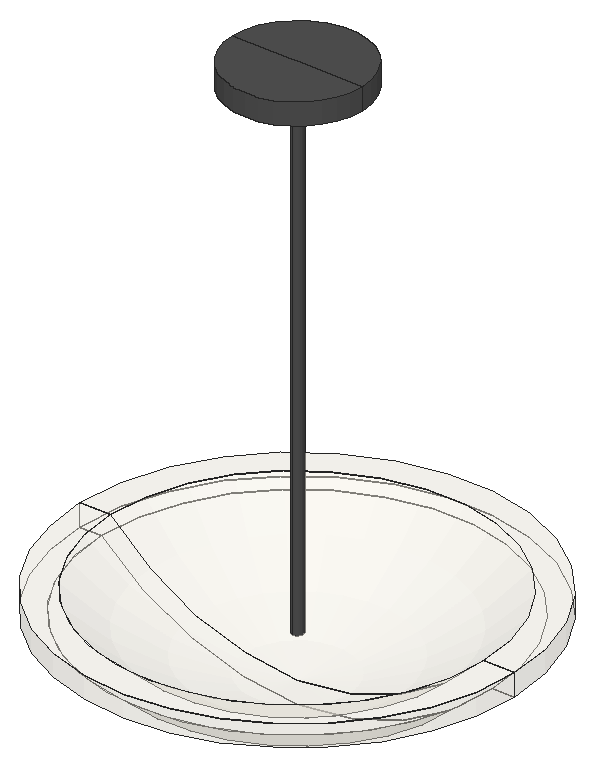
Revit family "Pendente circular", category Lighting Fixtures, host Ceiling, Revit 2016
Family settings
  Host = Ceiling
  Part Type = Normal
  Round Connector Dimension = Use Diameter
  OmniClass Number = 23.80.70.11.11
  OmniClass Title = General Luminaries, Non Directional
  Always vertical = Yes
  Cut with Voids When Loaded = No
  Light Source = Yes
  Shared = No
  Room Calculation Point = No
Parameters (values of type "150W - 277V")
  Wattage = 125 W
  built-in parameter 1150110 = 1 (stored number, unit not read)
  built-in parameter 1114217 = 1 (stored number, unit not read)
  built-in parameter 1150109 = 1 (stored number, unit not read)
  built-in parameter 1150134 = 12
  built-in parameter 1150113 = 1 (stored number, unit not read)
  built-in parameter 1150115 = 1 (stored number, unit not read)
  built-in parameter 1150105 = 4973.6 (stored number, unit not read)
  Load Classification = Lighting - Dwelling Unit
  Light Source Symbol Size = 60.96 cm
  built-in parameter 1150137 = 1
  built-in parameter 1150139 = (empty or 0)
  built-in parameter 1150112 = 1 (stored number, unit not read)
  built-in parameter 1150114 = 1 (stored number, unit not read)
  Lamp = "A-21"
  built-in parameter 1150132 = (empty or 0)
  built-in parameter 1150102 = (empty or 0)
  built-in parameter 1150138 = (empty or 0)
  built-in parameter 1150107 = 4000 (stored number, unit not read)
  built-in parameter 1150106 = 49.736 (stored number, unit not read)
  built-in parameter 1150104 = 11.613 (stored number, unit not read)
  Dimming Lamp Color Temperature Shift = <None>
  Color Filter = 16777215
  built-in parameter 1140040 [instance] = 1
  Ballast Voltage = 277 V
  Ballast Number of Poles = 1
  built-in parameter 1114218 = 1 (stored number, unit not read)
  built-in parameter 1150133 = 10 (stored number, unit not read)
  Assembly Code = "D5020220"
  Ceiling Mount Material = Metal - Chrome
  Drop From Ceiling = 67.5 cm
  Lumens = 15625 lm
  Pendant Material = Glass - Frosted
  Wattage Comments = ""
  Apparent Load = 150 VA
Types (4, lengths in cm): name | Wattage | built-in parameter 1150134 | built-in parameter 1150105 | Lamp | built-in parameter 1150107 | built-in parameter 1150106 | built-in parameter 1150104 | Ballast Voltage | Lumens | Apparent Load
  100W - 120V | 100 W | 4 | 537.94 (stored number, unit not read) | "A-19" | 2800 (stored number, unit not read) | 5.3794 (stored number, unit not read) | 1.5701 (stored number, unit not read) | 120 V | 1690 lm | 100 VA
  100W - 277V | 100 W | 4 | 537.94 (stored number, unit not read) | "A-19" | 2800 (stored number, unit not read) | 5.3794 (stored number, unit not read) | 1.5701 (stored number, unit not read) | 120 V | 1690 lm | 100 VA
  150W - 120V | 150 W | 4 | 884.74 (stored number, unit not read) | "A-21" | 2800 (stored number, unit not read) | 8.8474 (stored number, unit not read) | 1.7215 (stored number, unit not read) | 120 V | 2779.5 lm | 150 VA
  150W - 277V | 125 W | 12 | 4973.6 (stored number, unit not read) | "A-21" | 4000 (stored number, unit not read) | 49.736 (stored number, unit not read) | 11.613 (stored number, unit not read) | 277 V | 15625 lm | 150 VA
Reference planes (cm)
  plane 1 "Light Axis": y = 0
  plane 2 "Ceiling": z = 243.84
  plane 3 "Light Axis": x = 0
  plane 4 "Light Source Elevation": z = 183.96
  plane 5: z = 188.5651
  plane 6: z = 176.34
  plane 7: z = 186.0251
  plane 8: z = 176.34
Forms (cm)
  Revolve 1, solid, material "Metal - Chrome" <- "Ceiling Mount Material"
    sketch origin (0, 0, 0) x (1, 0, 0) y (0, 0, 1)
      loop
        line (0, 243.84) -> (-7.62, 243.84) -> (-7.62, 241.3) -> (0, 237.7467) -> (0, 243.84)
      axis (0, 243.84) -> (0, 237.7467)
    angle from 0 to 360
  Revolve 2, solid, material "Glass - Frosted" <- "Pendant Material"
    sketch origin (0, 0, 0) x (0, 0, -1) y (1, 0, 0)
      loop
        line (-176.34, 0) -> (-178.8767, 0)
        arc (-178.8767, 0) -> (-181.5402, -11.8856) -> (-188.5651, -21.8361) r 31.0942
        line (-188.5651, -21.8361) -> (-188.5651, -25.43) -> (-186.0128, -25.43) -> (-186.0128, -22.89)
        arc (-186.0128, -22.89) -> (-178.9581, -12.3824) -> (-176.34, 0) r 33.2567
      axis (-188.5651, 0) -> (-176.34, 0)
    angle from 0 to 360
  Extrusion 3, solid, material "Metal - Chrome" <- "Ceiling Mount Material"
    sketch origin (0, 0, 183.96) x (0, -1, 0) y (1, 0, 0)
      loop
        circle (0, 0) r 0.635
    from 0 to 59.88
Cuts and joins
  joined: Revolve 1, Extrusion 3
Dimensions and locks (cm)
  equal spacing: host sketch curve, plane 3 "Light Axis", host sketch curve
  equal spacing: host sketch curve, plane 1 "Light Axis", host sketch curve
  host sketch curve to host sketch curve = 304.8 cm  (x2)
  plane 5 to plane 7 to plane 6 = 2.54 cm locked, 9.6851 cm locked
  "Drop From Ceiling": plane 2 "Ceiling" to plane 6
  "Drop From Ceiling": plane 2 "Ceiling" to plane 8
  locked: plane 4 "Light Source Elevation" to plane 8 at 7.62
  aligned and locked: plane 2 "Ceiling" to Extrusion 3
  aligned and locked: plane 3 "Light Axis" to imposter light
  aligned and locked: plane 1 "Light Axis" to imposter light
  aligned and locked: plane 4 "Light Source Elevation" to imposter light
Automatic sketch dimensions
  Revolve 1 sketch curve to plane 2 "Ceiling" = 0 cm
  Revolve 1 sketch curve to plane 3 "Light Axis" = 0 cm  (x2)
  Revolve 1 sketch curve to plane 2 "Ceiling" = 2.54 cm
  Revolve 1 sketch curve to plane 3 "Light Axis" = 7.62 cm
  Revolve 1 sketch curve to plane 2 "Ceiling" = 6.0933 cm
  Revolve 1 sketch curve to Revolve 1 sketch curve = 6.6067 cm
  plane 2 "Ceiling" to Revolve 1 sketch curve = 7.62 cm
  Revolve 2 sketch curve to plane 3 "Light Axis" = 0 cm  (x2)
  Revolve 2 sketch curve to plane 5 = 0 cm
  Revolve 2 sketch curve to plane 5 = 5.08 cm
  plane 3 "Light Axis" to Revolve 2 sketch curve = 0.5628 cm
  Revolve 2 sketch curve to Revolve 2 sketch curve = 15.9469 cm
  Revolve 2 sketch curve to Revolve 2 sketch curve = 0.3704 cm
  Revolve 2 sketch curve to plane 7 = 0.0123 cm
  plane 6 to Revolve 2 sketch curve = 0 cm
  Revolve 2 sketch curve to Revolve 2 sketch curve = 5.5549 cm
  Revolve 2 sketch curve to plane 6 = 2.5367 cm
  Revolve 2 sketch curve to Revolve 2 sketch curve = 1.054 cm
  Revolve 2 sketch curve to Revolve 2 sketch curve = 3.594 cm
  Extrusion 3 sketch curve to plane 3 "Light Axis" = 0 cm
  Extrusion 3 sketch curve to plane 1 "Light Axis" = 0 cm
  Extrusion 3 sketch curve to plane 1 "Light Axis" = 0.635 cm
Connectors (cm)
  electrical at (0, 0, 188.5651), driven by "Apparent Load", driven by "Ballast Voltage", driven by "Ballast Number of Poles", driven by "Load Classification"
    settings: on Revolve 2, index 1, voltage 277 V, apparent load 0 VA, apparent load phase1 150 VA, apparent load phase2 0 VA, apparent load phase3 0 VA, power factor 0.95, load classification "Lighting - Dwelling Unit", number of poles 1, system type 31, power factor state 1, is connector primary yes, connector utility no, sub classification motor no, connector description ""
